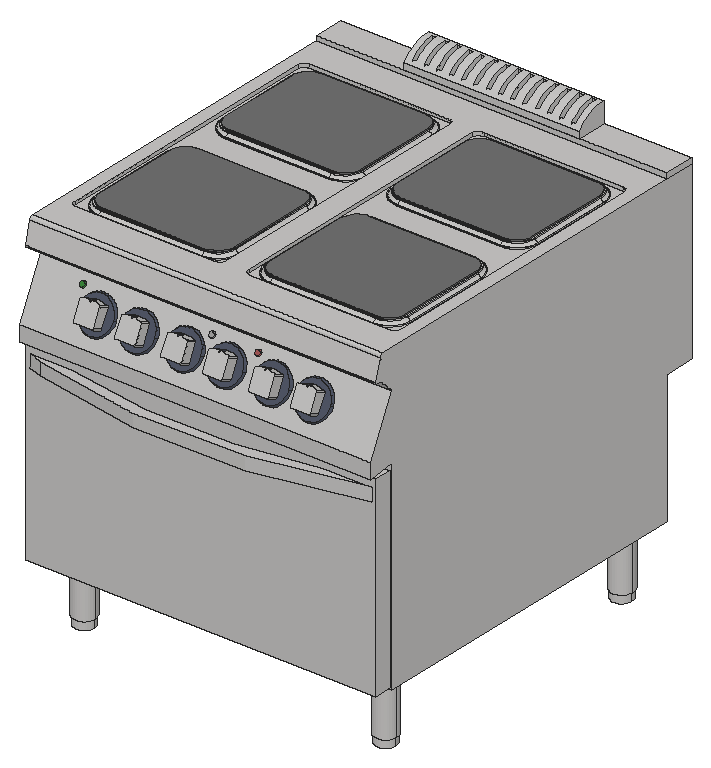
Revit family "QF_ZANUSSI_392041_Z9ECEH4QE0", category Specialty Equipment, Revit 2018
Family settings
  Round Connector Dimension = Use Diameter
  Part Type = Normal
  Work Plane-Based = No
  Always vertical = Yes
  Cut with Voids When Loaded = No
  Shared = No
  Room Calculation Point = No
Parameters
  Width = 800 mm  # constant formula
  Weight in Pounds = 145  # constant formula
  Weight = 0.00 kg
  Watts = 22000 W  # constant formula
  Volts = 400 V  # constant formula
  URL Manufacturer = "http://www.zanussiprofessional.com"
  URL Cutsheet = "www.electrolux.com/foodservice"
  URL = "http://www.zanussiprofessional.com"
  Type Mark [instance] = ""
  Steam Supply Size = 0"
  Steam Supply Minimum Pressure = 0.00 psi
  Steam Supply Maximum Pressure = 0.00 psi
  Steam Pounds per Hour = 0
  Status [instance] = ""
  Specification by User [instance] = ""
  Specification by Manufacturer = ""
  Show Logo [instance] = yes
  Show Clearance [instance] = yes
  Serial Number = ""
  Seismic Rating = ""
  SMACNA No = ""
  Revision Code [instance] = ""
  Refrigeration Suction Line Size = 0"
  Refrigeration Liquid Line Size = 0"
  Refrigerant Compressor Remote = yes
  Phase = 3  # constant formula
  Omniclass Number and Title = ""
  Number of Poles [instance] = 1
  NAFEM Spec ID Number = ""
  Model = "Z9ECEH4QE0"
  Min Ckt Ampacity = 0 A
  Max Overcurrent Protection = 0 A
  Masterspec = ""
  Manufacturer = "Zanussi"
  Length Actual = 800 mm  # constant formula
  Item Number [instance] = "392041"
  Installed By [instance] = ""
  Identify Quantity as Lot [instance] = yes
  Hot Water Size = 0"
  Height Actual = 850 mm  # constant formula
  Height = 908 mm  # constant formula
  HP = "29.5 HP"
  Gas Size = 0"
  Gas KW = 0
  Gas Input Pressure = 0.0 Btu/h
  Furnished By [instance] = ""
  Foodservice Equipment Identifier [instance] = yes
  FL Amps = if(Phase = 3, Watts / (Volts * 1.73), Watts / Volts)  # 31.7919 A
  Electrical Remarks [instance] = "400 V/3N ph/50/60 Hz"  # constant formula
  Electric Connection Type [instance] = ""
  Elec Conn RI Height [instance] = 967 mm
  Elec Conn Connection Height [instance] = 0 mm
  Direct Waste Size = 0"
  Description = "4-HOT SQUARE PL. ELEC. RANGE+OVEN 800 MM"
  Depth Actual = 900 mm  # constant formula
  Depth = 915 mm  # constant formula
  Cycle = if([60 Hertz Option], 60 Hz, 50 Hz)  # 60 Hz
  Conn Plug = ""
  Conn Conduit = yes
  Condensate Return Size = 0"
  Compressed Air Volume = 0 GPM
  Compressed Air Size = 0"
  Compressed Air Pressure = 0.00 psi
  Cold Water Size = 0"
  CSI MasterFormat = ""
  CSI Master Format = ""
  Base Height [instance] = 150 mm  # constant formula
  Apparent Power = if(Phase = 3, Volts * FL Amps * 1.73, Volts * FL Amps)  # 22000 VA
  Accessory = yes
  60 Hertz Option = not([50 Hertz Option])  # yes
  50 Hertz Option = no
Reference planes
  plane 1 "BACK": y = 0
  plane 2: z = 0
  plane 3 "LEFT": x = 0
  plane 4 "RIGHT": x = 800
  plane 5 "FRONT": y = -915
  plane 6 "TOP": z = 850
  plane 7 "Center Y": x = 400
  plane 8 "Center X": y = -457.5
  plane 9 "BASE": z = 150
  plane 10: y = -802
  plane 11: y = -900
  plane 12: y = -128
  plane 13: y = -609
  plane 14: y = -583
  plane 15: x = 56
  plane 16: x = 744
  plane 17: z = 908
  plane 18: y = -1309
Forms (mm)
  Extrusion 1, solid, material "QF_Finishes_Stainless Steel"
    sketch origin (0, 0, 0) x (0, 1, 0) y (0, 0, 1)
      loop
        line (0, 450.038) -> (0, 850) -> (-879.358, 850)
        arc (-879.358, 850) -> (-884.643, 847.811) -> (-886.833, 842.526) r 7.474
        line (-886.833, 842.526) -> (-899.884, 797.011)
        arc (-899.884, 797.011) -> (-899.396, 794.379) -> (-897, 793.184) r 3
        line (-897, 793.184) -> (-886.802, 793.184) -> (-854.982, 761.364) -> (-915, 640.508) -> (-915, 605.508) -> (-858.645, 613.428)
        arc (-858.645, 613.428) -> (-856.101, 612.674) -> (-855, 610.259) r 3.2
        line (-855, 610.259) -> (-855, 150) -> (-71.437, 150) -> (-71.437, 450.038) -> (0, 450.038)
      loop
        line (-900, 600) -> (-900, 155) -> (-860, 155) -> (-860, 600) -> (-900, 600)
    from 0 to 800
  Extrusion 2, void
    sketch origin (0, -198.623, 849.237) x (-1, 0, 0) y (0, -1, 0)
      loop
        arc (-42.5, -55.089) -> (-31.893, -50.696) -> (-27.5, -40.089) r 15
        line (-27.5, -40.089) -> (-27.5, 595.262)
        arc (-27.5, 595.262) -> (-31.893, 605.868) -> (-42.5, 610.262) r 15
        line (-42.5, 610.262) -> (-359.751, 610.262)
        arc (-359.751, 610.262) -> (-370.358, 605.868) -> (-374.751, 595.262) r 15
        line (-374.751, 595.262) -> (-374.751, -40.089)
        arc (-374.751, -40.089) -> (-370.358, -50.696) -> (-359.751, -55.089) r 15
        line (-359.751, -55.089) -> (-42.5, -55.089)
      loop
        line (-757.5, -55.089) -> (-440.249, -55.089)
        arc (-440.249, -55.089) -> (-429.642, -50.696) -> (-425.249, -40.089) r 15
        line (-425.249, -40.089) -> (-425.249, 595.262)
        arc (-425.249, 595.262) -> (-429.642, 605.868) -> (-440.249, 610.262) r 15
        line (-440.249, 610.262) -> (-757.5, 610.262)
        arc (-757.5, 610.262) -> (-768.107, 605.868) -> (-772.5, 595.262) r 15
        line (-772.5, 595.262) -> (-772.5, -40.089)
        arc (-772.5, -40.089) -> (-768.107, -50.696) -> (-757.5, -55.089) r 15
    from 1.763 to -6.35
  Extrusion 3, solid, material "QF_Clearances", visible <- "Show Clearance", detail levels coarse
    sketch origin (0, -198.623, 634) x (1, 0, 0) y (0, 1, 0)
      loop
        line (0, -716.377) -> (0, 198.623) -> (800, 198.623) -> (800, -716.377) -> (900.019, -716.377) -> (900.019, 298.642) -> (-100.019, 298.642) -> (-100.019, -716.377) -> (0, -716.377)
    from -634 to 274
  Extrusion 4, solid, material "QF_Finishes_Stainless Steel"
    sketch origin (0, -198.623, 842.887) x (-1, 0, 0) y (0, -1, 0)
      loop
        arc (-86.725, 312.377) -> (-58.441, 324.092) -> (-46.725, 352.377) r 40
        line (-46.725, 352.377) -> (-46.725, 553.377)
        arc (-46.725, 553.377) -> (-58.441, 581.661) -> (-86.725, 593.377) r 40
        line (-86.725, 593.377) -> (-321.725, 593.377)
        arc (-321.725, 593.377) -> (-350.009, 581.661) -> (-361.725, 553.377) r 40
        line (-361.725, 553.377) -> (-361.725, 352.377)
        arc (-361.725, 352.377) -> (-350.009, 324.092) -> (-321.725, 312.377) r 40
        line (-321.725, 312.377) -> (-86.725, 312.377)
      loop
        line (-86.725, 230.796) -> (-321.725, 230.796)
        arc (-321.725, 230.796) -> (-350.009, 219.08) -> (-361.725, 190.796) r 40
        line (-361.725, 190.796) -> (-361.725, 1.796)
        arc (-361.725, 1.796) -> (-350.009, -26.488) -> (-321.725, -38.204) r 40
        line (-321.725, -38.204) -> (-86.725, -38.204)
        arc (-86.725, -38.204) -> (-58.441, -26.488) -> (-46.725, 1.796) r 40
        line (-46.725, 1.796) -> (-46.725, 190.796)
        arc (-46.725, 190.796) -> (-58.441, 219.08) -> (-86.725, 230.796) r 40
      loop
        line (-713.275, 312.377) -> (-478.275, 312.377)
        arc (-478.275, 312.377) -> (-449.991, 324.092) -> (-438.275, 352.377) r 40
        line (-438.275, 352.377) -> (-438.275, 553.377)
        arc (-438.275, 553.377) -> (-449.991, 581.661) -> (-478.275, 593.377) r 40
        line (-478.275, 593.377) -> (-713.275, 593.377)
        arc (-713.275, 593.377) -> (-741.559, 581.661) -> (-753.275, 553.377) r 40
        line (-753.275, 553.377) -> (-753.275, 352.377)
        arc (-753.275, 352.377) -> (-741.559, 324.092) -> (-713.275, 312.377) r 40
      loop
        arc (-713.275, 230.796) -> (-741.559, 219.08) -> (-753.275, 190.796) r 40
        line (-753.275, 190.796) -> (-753.275, 1.796)
        arc (-753.275, 1.796) -> (-741.559, -26.488) -> (-713.275, -38.204) r 40
        line (-713.275, -38.204) -> (-478.275, -38.204)
        arc (-478.275, -38.204) -> (-449.991, -26.488) -> (-438.275, 1.796) r 40
        line (-438.275, 1.796) -> (-438.275, 190.796)
        arc (-438.275, 190.796) -> (-449.991, 219.08) -> (-478.275, 230.796) r 40
        line (-478.275, 230.796) -> (-713.275, 230.796)
    from 0 to 10
  Sweep 5, solid, material "QF_Finishes_Stainless Steel"
    path origin (0, -198.623, 852.887) x (-1, 0, 0) y (0, -1, 0)
      loop
        line (-46.725, 352.377) -> (-46.725, 553.377)
        arc (-46.725, 553.377) -> (-58.441, 581.661) -> (-86.725, 593.377) r 40
        line (-86.725, 593.377) -> (-321.725, 593.377)
        arc (-321.725, 593.377) -> (-350.009, 581.661) -> (-361.725, 553.377) r 40
        line (-361.725, 553.377) -> (-361.725, 352.377)
        arc (-361.725, 352.377) -> (-350.009, 324.092) -> (-321.725, 312.377) r 40
        line (-321.725, 312.377) -> (-86.725, 312.377)
        arc (-86.725, 312.377) -> (-58.441, 324.092) -> (-46.725, 352.377) r 40
    profile origin (46.725, -651.5, 852.887) x (1, 0, 0) y (0, 0, 1)
      loop
        arc (0, -1.759) -> (-2.638, -5.472) -> (-6.35, -8.109) r 13.651
        line (-6.35, -8.109) -> (-8.064, -8.109) -> (-8.064, -10) -> (0, -10) -> (0, -1.759)
  Sweep 6, solid, material "QF_Finishes_Stainless Steel"
    path origin (0, 151.957, 852.887) x (-1, 0, 0) y (0, -1, 0)
      loop
        line (-46.725, 352.377) -> (-46.725, 541.377)
        arc (-46.725, 541.377) -> (-58.441, 569.661) -> (-86.725, 581.377) r 40
        line (-86.725, 581.377) -> (-321.725, 581.377)
        arc (-321.725, 581.377) -> (-350.009, 569.661) -> (-361.725, 541.377) r 40
        line (-361.725, 541.377) -> (-361.725, 352.377)
        arc (-361.725, 352.377) -> (-350.009, 324.092) -> (-321.725, 312.377) r 40
        line (-321.725, 312.377) -> (-86.725, 312.377)
        arc (-86.725, 312.377) -> (-58.441, 324.092) -> (-46.725, 352.377) r 40
    profile origin (46.725, -294.919, 852.887) x (1, 0, 0) y (0, 0, 1)
      loop
        arc (0, -1.759) -> (-2.638, -5.472) -> (-6.35, -8.109) r 13.651
        line (-6.35, -8.109) -> (-8.064, -8.109) -> (-8.064, -10) -> (0, -10) -> (0, -1.759)
  Extrusion 7, solid, material "QF_Finishes_Rubber Black"
    sketch origin (0, -198.623, 852.887) x (-1, 0, 0) y (0, -1, 0)
      loop
        arc (-49.725, 190.796) -> (-60.562, 216.959) -> (-86.725, 227.796) r 37
        line (-86.725, 227.796) -> (-321.725, 227.796)
        arc (-321.725, 227.796) -> (-347.888, 216.959) -> (-358.725, 190.796) r 37
        line (-358.725, 190.796) -> (-358.725, 1.796)
        arc (-358.725, 1.796) -> (-347.888, -24.367) -> (-321.725, -35.204) r 37
        line (-321.725, -35.204) -> (-86.725, -35.204)
        arc (-86.725, -35.204) -> (-60.562, -24.367) -> (-49.725, 1.796) r 37
        line (-49.725, 1.796) -> (-49.725, 190.796)
      loop
        arc (-86.725, 315.377) -> (-60.562, 326.214) -> (-49.725, 352.377) r 37
        line (-49.725, 352.377) -> (-49.725, 553.377)
        arc (-49.725, 553.377) -> (-60.562, 579.54) -> (-86.725, 590.377) r 37
        line (-86.725, 590.377) -> (-321.725, 590.377)
        arc (-321.725, 590.377) -> (-347.888, 579.54) -> (-358.725, 553.377) r 37
        line (-358.725, 553.377) -> (-358.725, 352.377)
        arc (-358.725, 352.377) -> (-347.888, 326.214) -> (-321.725, 315.377) r 37
        line (-321.725, 315.377) -> (-86.725, 315.377)
      loop
        line (-750.275, 190.796) -> (-750.275, 1.796)
        arc (-750.275, 1.796) -> (-739.438, -24.367) -> (-713.275, -35.204) r 37
        line (-713.275, -35.204) -> (-478.275, -35.204)
        arc (-478.275, -35.204) -> (-452.112, -24.367) -> (-441.275, 1.796) r 37
        line (-441.275, 1.796) -> (-441.275, 190.796)
        arc (-441.275, 190.796) -> (-452.112, 216.959) -> (-478.275, 227.796) r 37
        line (-478.275, 227.796) -> (-713.275, 227.796)
        arc (-713.275, 227.796) -> (-739.438, 216.959) -> (-750.275, 190.796) r 37
      loop
        line (-713.275, 315.377) -> (-478.275, 315.377)
        arc (-478.275, 315.377) -> (-452.112, 326.214) -> (-441.275, 352.377) r 37
        line (-441.275, 352.377) -> (-441.275, 553.377)
        arc (-441.275, 553.377) -> (-452.112, 579.54) -> (-478.275, 590.377) r 37
        line (-478.275, 590.377) -> (-713.275, 590.377)
        arc (-713.275, 590.377) -> (-739.438, 579.54) -> (-750.275, 553.377) r 37
        line (-750.275, 553.377) -> (-750.275, 352.377)
        arc (-750.275, 352.377) -> (-739.438, 326.214) -> (-713.275, 315.377) r 37
    from 0 to 2
  Extrusion 8, solid, material "QF_Finishes_Stainless Steel"
    sketch origin (0, -71, 150) x (-1, 0, 0) y (0, 1, 0)
      loop
        circle (-753, -642) r 12.7
    from 0 to 12.7
  Extrusion 9, solid, material "QF_Finishes_Stainless Steel"
    sketch origin (0, -71, 150) x (-1, 0, 0) y (0, 1, 0)
      loop
        circle (-757, -505) r 12.7
    from 0 to 12.7
  Extrusion 10, void
    sketch origin (200, 0, 849.237) x (-1, 0, 0) y (0, -1, 0)
      loop
        line (-13.453, 6.761) -> (-13.453, 61.923) -> (-22.749, 61.923) -> (-22.749, 6.761) -> (-13.453, 6.761)
    from 25.4 to 63.5
  Extrusion 11, void
    sketch origin (600.05, 0, 849.237) x (1, 0, 0) y (0, 1, 0)
      loop
        line (-13.503, -6.761) -> (-22.799, -6.761) -> (-22.799, -61.923) -> (-13.503, -61.923) -> (-13.503, -6.761)
    from 25.4 to 63.5
  Extrusion 12, void
    sketch origin (227.988, 0, 849.237) x (-1, 0, 0) y (0, -1, 0)
      loop
        line (-13.453, 6.761) -> (-13.453, 61.923) -> (-22.749, 61.923) -> (-22.749, 6.761) -> (-13.453, 6.761)
    from 25.4 to 63.5
  Extrusion 13, void
    sketch origin (255.977, 0, 849.237) x (-1, 0, 0) y (0, -1, 0)
      loop
        line (-13.453, 6.761) -> (-13.453, 61.923) -> (-22.749, 61.923) -> (-22.749, 6.761) -> (-13.453, 6.761)
    from 25.4 to 63.5
  Extrusion 14, void
    sketch origin (283.965, 0, 849.237) x (-1, 0, 0) y (0, -1, 0)
      loop
        line (-13.428, 6.761) -> (-13.428, 61.923) -> (-22.724, 61.923) -> (-22.724, 6.761) -> (-13.428, 6.761)
    from 25.4 to 63.5
  Extrusion 15, void
    sketch origin (311.953, 0, 849.237) x (-1, 0, 0) y (0, -1, 0)
      loop
        line (-13.428, 6.761) -> (-13.428, 61.923) -> (-22.724, 61.923) -> (-22.724, 6.761) -> (-13.428, 6.761)
    from 25.4 to 63.5
  Extrusion 16, void
    sketch origin (339.942, 0, 849.237) x (-1, 0, 0) y (0, -1, 0)
      loop
        line (-13.428, 6.761) -> (-13.428, 61.923) -> (-22.724, 61.923) -> (-22.724, 6.761) -> (-13.428, 6.761)
    from 25.4 to 63.5
  Extrusion 17, void
    sketch origin (367.93, 0, 849.237) x (-1, 0, 0) y (0, -1, 0)
      loop
        line (-13.428, 6.761) -> (-13.428, 61.923) -> (-22.724, 61.923) -> (-22.724, 6.761) -> (-13.428, 6.761)
    from 25.4 to 63.5
  Extrusion 18, void
    sketch origin (395.918, 0, 849.237) x (-1, 0, 0) y (0, -1, 0)
      loop
        line (-13.428, 6.761) -> (-13.428, 61.923) -> (-22.724, 61.923) -> (-22.724, 6.761) -> (-13.428, 6.761)
    from 25.4 to 63.5
  Extrusion 19, void
    sketch origin (423.907, 0, 849.237) x (-1, 0, 0) y (0, -1, 0)
      loop
        line (-13.428, 6.761) -> (-13.428, 61.923) -> (-22.724, 61.923) -> (-22.724, 6.761) -> (-13.428, 6.761)
    from 25.4 to 63.5
  Extrusion 20, void
    sketch origin (451.895, 0, 849.237) x (-1, 0, 0) y (0, -1, 0)
      loop
        line (-13.428, 6.761) -> (-13.428, 61.923) -> (-22.724, 61.923) -> (-22.724, 6.761) -> (-13.428, 6.761)
    from 25.4 to 63.5
  Extrusion 21, void
    sketch origin (479.884, 0, 849.237) x (-1, 0, 0) y (0, -1, 0)
      loop
        line (-13.403, 6.761) -> (-13.403, 61.923) -> (-22.699, 61.923) -> (-22.699, 6.761) -> (-13.403, 6.761)
    from 25.4 to 63.5
  Extrusion 22, void
    sketch origin (507.872, 0, 849.237) x (-1, 0, 0) y (0, -1, 0)
      loop
        line (-13.403, 6.761) -> (-13.403, 61.923) -> (-22.699, 61.923) -> (-22.699, 6.761) -> (-13.403, 6.761)
    from 25.4 to 63.5
  Extrusion 23, void
    sketch origin (535.86, 0, 849.237) x (-1, 0, 0) y (0, -1, 0)
      loop
        line (-13.403, 6.761) -> (-13.403, 61.923) -> (-22.699, 61.923) -> (-22.699, 6.761) -> (-13.403, 6.761)
    from 25.4 to 63.5
  Sweep 24, solid, material "QF_Finishes_Stainless Steel"
    path origin (800, -198.623, 852.887) x (1, 0, 0) y (0, 1, 0)
      loop
        arc (-46.725, -352.377) -> (-58.441, -324.092) -> (-86.725, -312.377) r 40
        line (-86.725, -312.377) -> (-321.725, -312.377)
        arc (-321.725, -312.377) -> (-350.009, -324.092) -> (-361.725, -352.377) r 40
        line (-361.725, -352.377) -> (-361.725, -553.377)
        arc (-361.725, -553.377) -> (-350.009, -581.661) -> (-321.725, -593.377) r 40
        line (-321.725, -593.377) -> (-86.725, -593.377)
        arc (-86.725, -593.377) -> (-58.441, -581.661) -> (-46.725, -553.377) r 40
        line (-46.725, -553.377) -> (-46.725, -352.377)
    profile origin (753.275, -651.5, 852.887) x (1, 0, 0) y (0, 0, 1)
      loop
        line (0, -1.759) -> (0, -10) -> (8.064, -10) -> (8.064, -8.109) -> (6.35, -8.109)
        arc (6.35, -8.109) -> (2.638, -5.472) -> (0, -1.759) r 13.651
  Sweep 25, solid, material "QF_Finishes_Stainless Steel"
    path origin (800, 151.957, 852.887) x (1, 0, 0) y (0, 1, 0)
      loop
        arc (-46.725, -352.377) -> (-58.441, -324.092) -> (-86.725, -312.377) r 40
        line (-86.725, -312.377) -> (-321.725, -312.377)
        arc (-321.725, -312.377) -> (-350.009, -324.092) -> (-361.725, -352.377) r 40
        line (-361.725, -352.377) -> (-361.725, -541.377)
        arc (-361.725, -541.377) -> (-350.009, -569.661) -> (-321.725, -581.377) r 40
        line (-321.725, -581.377) -> (-86.725, -581.377)
        arc (-86.725, -581.377) -> (-58.441, -569.661) -> (-46.725, -541.377) r 40
        line (-46.725, -541.377) -> (-46.725, -352.377)
    profile origin (753.275, -294.919, 852.887) x (1, 0, 0) y (0, 0, 1)
      loop
        line (0, -1.759) -> (0, -10) -> (8.064, -10) -> (8.064, -8.109) -> (6.35, -8.109)
        arc (6.35, -8.109) -> (2.638, -5.472) -> (0, -1.759) r 13.651
  Revolve 26, solid, material "QF_Finishes_Stainless Steel"
    sketch origin (689, -802, 0) x (1, 0, 0) y (0, 0, 1)
      loop
        line (55, 0) -> (55, 150) -> (29.6, 150) -> (29.6, 19.05) -> (32.1, 19.05) -> (32.1, 0) -> (55, 0)
      axis (55, 0) -> (55, 150)
    angle from 0 to 360
  Revolve 27, solid, material "QF_Finishes_Stainless Steel"
    sketch origin (1, -802, 0) x (1, 0, 0) y (0, 0, 1)
      loop
        line (55, 0) -> (55, 150) -> (29.6, 150) -> (29.6, 19.05) -> (32.1, 19.05) -> (32.1, 0) -> (55, 0)
      axis (55, 0) -> (55, 150)
    angle from 0 to 360
  Revolve 28, solid, material "QF_Finishes_Stainless Steel"
    sketch origin (689, -128, 0) x (1, 0, 0) y (0, 0, 1)
      loop
        line (55, 0) -> (55, 150) -> (29.6, 150) -> (29.6, 19.05) -> (32.1, 19.05) -> (32.1, 0) -> (55, 0)
      axis (55, 0) -> (55, 150)
    angle from 0 to 360
  Revolve 29, solid, material "QF_Finishes_Stainless Steel"
    sketch origin (1, -128, 0) x (1, 0, 0) y (0, 0, 1)
      loop
        line (55, 0) -> (55, 150) -> (29.6, 150) -> (29.6, 19.05) -> (32.1, 19.05) -> (32.1, 0) -> (55, 0)
      axis (55, 0) -> (55, 150)
    angle from 0 to 360
  Extrusion 30, solid, material "QF_Finishes_Stainless Steel"
    sketch origin (200, 0, 634) x (0, 1, 0) y (0, 0, 1)
      loop
        line (0, 227.923) -> (0, 274.762)
        arc (0, 274.762) -> (-38.885, 266.372) -> (-69.85, 241.4) r 86.116
        line (-69.85, 241.4) -> (-69.85, 227.923) -> (0, 227.923)
    from 0 to 400
  Extrusion 31, solid, material "QF_Finishes_Stainless Steel"
    sketch origin (800, 0, 0) x (0, 1, 0) y (0, 0, 1)
      loop
        line (-69.85, 850) -> (0, 850) -> (0, 861.923) -> (-69.85, 861.923) -> (-69.85, 850)
    from 0 to -800
  Extrusion 32, solid, material "QF_Finishes_Door Clearance", visible <- "Show Clearance", detail levels coarse
    sketch origin (400, -200, 0) x (0, 1, 0) y (0, 0, 1)
      loop
        line (-684.838, 155) -> (-684.838, 600)
        arc (-684.838, 600) -> (-986.753, 462.852) -> (-1110, 155) r 445
        line (-1110, 155) -> (-684.838, 155)
    from -400.05 to 400.05
  Blend 33, solid, material "QF_Finishes_Navy Blue"
    base sketch origin (152.5, -884.991, 701.936) x (1, 0, 0) y (0, 0.444781, 0.895639)
      loop
        circle (0, 0) r 42.5
    top sketch origin (152.5, -884.991, 701.936) x (1, 0, 0) y (0, 0.444781, 0.895639)
      loop
        circle (0, 0) r 40.5
    from 0 to 5
  Extrusion 34, solid, material "QF_Finishes_Stainless Steel"
    sketch origin (152.5, -884.991, 701.936) x (1, 0, 0) y (0, 0.444781, 0.895639)
      loop
        arc (-21.147, 22.789) -> (-22.494, 21.685) -> (-23, 20.019) r 2.997
        line (-23, 20.019) -> (-23, -20.019)
        arc (-23, -20.019) -> (-22.122, -22.138) -> (-20.003, -23.016) r 2.997
        line (-20.003, -23.016) -> (20.003, -23.016)
        arc (20.003, -23.016) -> (22.122, -22.138) -> (23, -20.019) r 2.997
        line (23, -20.019) -> (23, 20.019)
        arc (23, 20.019) -> (22.494, 21.685) -> (21.147, 22.789) r 2.997
        arc (21.147, 22.789) -> (0, 26.984) -> (-21.147, 22.789) r 55.4
    from 10 to 34
  Extrusion 35, solid, material "QF_Plastic-Black-Matte"
    sketch origin (210, -884.991, 701.936) x (0, 0.444781, 0.895639) y (0, -0.895639, 0.444781)
      loop
        line (26.984, 34) -> (26.984, 19) -> (27.984, 19) -> (27.984, 34)
        arc (27.984, 34) -> (27.691, 34.707) -> (26.984, 35) r 1
        line (26.984, 35) -> (23.984, 35) -> (23.984, 34) -> (26.984, 34)
    from -58.5 to -56.5
  Extrusion 36, solid, material "QF_Finishes_Stainless Steel"
    sketch origin (152.5, -884.991, 701.936) x (1, 0, 0) y (0, 0.444781, 0.895639)
      loop
        line (17.5, 17.5) -> (-17.5, 17.5) -> (-17.5, -17.5) -> (17.5, -17.5) -> (17.5, 17.5)
    from 5 to 10
  Extrusion 37, solid, material "QF_Plastic-Black-Matte"
    sketch origin (190, -884.991, 701.936) x (0, 0.444781, 0.895639) y (0, 0.895639, -0.444781)
      loop
        line (26.984, -34) -> (23.984, -34) -> (23.984, -35) -> (26.984, -35)
        arc (26.984, -35) -> (27.691, -34.707) -> (27.984, -34) r 1
        line (27.984, -34) -> (27.984, -19) -> (26.984, -19) -> (26.984, -34)
    from -58.5 to -56.5
  Extrusion 38, solid, material "QF_Finishes_Stainless Steel"
    sketch origin (247.5, -884.991, 701.936) x (-1, 0, 0) y (0, -0.444781, -0.895639)
      loop
        line (17.55, -17.5) -> (17.55, 17.5) -> (-17.45, 17.5) -> (-17.45, -17.5) -> (17.55, -17.5)
    from 5 to 10
  Blend 39, solid, material "QF_Finishes_Navy Blue"
    base sketch origin (247.5, -884.991, 701.936) x (1, 0, 0) y (0, 0.444781, 0.895639)
      loop
        circle (-0.05, 0) r 42.5
    top sketch origin (247.5, -884.991, 701.936) x (1, 0, 0) y (0, 0.444781, 0.895639)
      loop
        circle (-0.05, 0) r 40.5
    from 0 to 5
  Extrusion 40, solid, material "QF_Finishes_Stainless Steel"
    sketch origin (247.5, -884.991, 701.936) x (-1, 0, 0) y (0, -0.444781, -0.895639)
      loop
        arc (-21.097, -22.789) -> (0.05, -26.984) -> (21.197, -22.789) r 55.4
        arc (21.197, -22.789) -> (22.544, -21.685) -> (23.05, -20.019) r 2.997
        line (23.05, -20.019) -> (23.05, 20.019)
        arc (23.05, 20.019) -> (22.172, 22.138) -> (20.053, 23.016) r 2.997
        line (20.053, 23.016) -> (-19.953, 23.016)
        arc (-19.953, 23.016) -> (-22.072, 22.138) -> (-22.95, 20.019) r 2.997
        line (-22.95, 20.019) -> (-22.95, -20.019)
        arc (-22.95, -20.019) -> (-22.444, -21.685) -> (-21.097, -22.789) r 2.997
    from 10 to 34
  Blend 41, solid, material "QF_Finishes_Navy Blue"
    base sketch origin (447.5, -884.991, 701.936) x (1, 0, 0) y (0, 0.444781, 0.895639)
      loop
        circle (-0.05, 0) r 42.5
    top sketch origin (447.5, -884.991, 701.936) x (1, 0, 0) y (0, 0.444781, 0.895639)
      loop
        circle (-0.05, 0) r 40.5
    from 0 to 5
  Extrusion 42, solid, material "QF_Finishes_Stainless Steel"
    sketch origin (215, -884.991, 701.936) x (1, 0, 0) y (0, 0.444781, 0.895639)
      loop
        arc (211.303, 22.789) -> (209.956, 21.685) -> (209.45, 20.019) r 2.997
        line (209.45, 20.019) -> (209.45, -20.019)
        arc (209.45, -20.019) -> (210.328, -22.138) -> (212.447, -23.016) r 2.997
        line (212.447, -23.016) -> (252.453, -23.016)
        arc (252.453, -23.016) -> (254.572, -22.138) -> (255.45, -20.019) r 2.997
        line (255.45, -20.019) -> (255.45, 20.019)
        arc (255.45, 20.019) -> (254.944, 21.685) -> (253.597, 22.789) r 2.997
        arc (253.597, 22.789) -> (232.45, 26.984) -> (211.303, 22.789) r 55.4
    from 10 to 34
  Blend 43, solid, material "QF_Finishes_Navy Blue"
    base sketch origin (552.5, -884.991, 701.936) x (1, 0, 0) y (0, 0.444781, 0.895639)
      loop
        circle (-0.05, 0) r 42.5
    top sketch origin (552.5, -884.991, 701.936) x (1, 0, 0) y (0, 0.444781, 0.895639)
      loop
        circle (-0.05, 0) r 40.5
    from 0 to 5
  Extrusion 44, solid, material "QF_Finishes_Stainless Steel"
    sketch origin (552.5, -884.991, 701.936) x (1, 0, 0) y (0, 0.444781, 0.895639)
      loop
        arc (-21.197, 22.789) -> (-22.544, 21.685) -> (-23.05, 20.019) r 2.997
        line (-23.05, 20.019) -> (-23.05, -20.019)
        arc (-23.05, -20.019) -> (-22.172, -22.138) -> (-20.053, -23.016) r 2.997
        line (-20.053, -23.016) -> (19.953, -23.016)
        arc (19.953, -23.016) -> (22.072, -22.138) -> (22.95, -20.019) r 2.997
        line (22.95, -20.019) -> (22.95, 20.019)
        arc (22.95, 20.019) -> (22.444, 21.685) -> (21.097, 22.789) r 2.997
        arc (21.097, 22.789) -> (-0.05, 26.984) -> (-21.197, 22.789) r 55.4
    from 10 to 34
  Extrusion 45, solid, material "QF_Plastic-Black-Matte"
    sketch origin (610, -884.991, 701.936) x (0, 0.444781, 0.895639) y (0, -0.895639, 0.444781)
      loop
        line (26.984, 34) -> (26.984, 19) -> (27.984, 19) -> (27.984, 34)
        arc (27.984, 34) -> (27.691, 34.707) -> (26.984, 35) r 1
        line (26.984, 35) -> (23.984, 35) -> (23.984, 34) -> (26.984, 34)
    from -58.5 to -56.5
  Extrusion 46, solid, material "QF_Finishes_Stainless Steel"
    sketch origin (552.5, -884.991, 701.936) x (1, 0, 0) y (0, 0.444781, 0.895639)
      loop
        line (17.45, 17.5) -> (-17.55, 17.5) -> (-17.55, -17.5) -> (17.45, -17.5) -> (17.45, 17.5)
    from 5 to 10
  Extrusion 47, solid, material "QF_Plastic-Black-Matte"
    sketch origin (590, -884.991, 701.936) x (0, 0.444781, 0.895639) y (0, 0.895639, -0.444781)
      loop
        line (26.984, -34) -> (23.984, -34) -> (23.984, -35) -> (26.984, -35)
        arc (26.984, -35) -> (27.691, -34.707) -> (27.984, -34) r 1
        line (27.984, -34) -> (27.984, -19) -> (26.984, -19) -> (26.984, -34)
    from -58.5 to -56.5
  Extrusion 48, solid, material "QF_Finishes_Stainless Steel"
    sketch origin (647.5, -884.991, 701.936) x (-1, 0, 0) y (0, -0.444781, -0.895639)
      loop
        line (17.6, -17.5) -> (17.6, 17.5) -> (-17.4, 17.5) -> (-17.4, -17.5) -> (17.6, -17.5)
    from 5 to 10
  Blend 49, solid, material "QF_Finishes_Navy Blue"
    base sketch origin (647.5, -884.991, 701.936) x (1, 0, 0) y (0, 0.444781, 0.895639)
      loop
        circle (-0.1, 0) r 42.5
    top sketch origin (647.5, -884.991, 701.936) x (1, 0, 0) y (0, 0.444781, 0.895639)
      loop
        circle (-0.1, 0) r 40.5
    from 0 to 5
  Extrusion 50, solid, material "QF_Finishes_Stainless Steel"
    sketch origin (647.5, -884.991, 701.936) x (-1, 0, 0) y (0, -0.444781, -0.895639)
      loop
        arc (-21.047, -22.789) -> (0.1, -26.984) -> (21.247, -22.789) r 55.4
        arc (21.247, -22.789) -> (22.594, -21.685) -> (23.1, -20.019) r 2.997
        line (23.1, -20.019) -> (23.1, 20.019)
        arc (23.1, 20.019) -> (22.222, 22.138) -> (20.103, 23.016) r 2.997
        line (20.103, 23.016) -> (-19.903, 23.016)
        arc (-19.903, 23.016) -> (-22.022, 22.138) -> (-22.9, 20.019) r 2.997
        line (-22.9, 20.019) -> (-22.9, -20.019)
        arc (-22.9, -20.019) -> (-22.394, -21.685) -> (-21.047, -22.789) r 2.997
    from 10 to 34
  Extrusion 51, solid, material "QF_Plastic-Black-Matte"
    sketch origin (295, -884.991, 701.936) x (0, 0.444781, 0.895639) y (0, 0.895639, -0.444781)
      loop
        line (26.984, -34) -> (23.984, -34) -> (23.984, -35) -> (26.984, -35)
        arc (26.984, -35) -> (27.691, -34.707) -> (27.984, -34) r 1
        line (27.984, -34) -> (27.984, -19) -> (26.984, -19) -> (26.984, -34)
    from -58.5 to -56.5
  Extrusion 52, solid, material "QF_Finishes_Stainless Steel"
    sketch origin (352.5, -884.991, 701.936) x (-1, 0, 0) y (0, -0.444781, -0.895639)
      loop
        line (17.55, -17.5) -> (17.55, 17.5) -> (-17.45, 17.5) -> (-17.45, -17.5) -> (17.55, -17.5)
    from 5 to 10
  Extrusion 53, solid, material "QF_Finishes_Stainless Steel"
    sketch origin (352.5, -884.991, 701.936) x (-1, 0, 0) y (0, -0.444781, -0.895639)
      loop
        arc (-21.097, -22.789) -> (0.05, -26.984) -> (21.197, -22.789) r 55.4
        arc (21.197, -22.789) -> (22.544, -21.685) -> (23.05, -20.019) r 2.997
        line (23.05, -20.019) -> (23.05, 20.019)
        arc (23.05, 20.019) -> (22.172, 22.138) -> (20.053, 23.016) r 2.997
        line (20.053, 23.016) -> (-19.953, 23.016)
        arc (-19.953, 23.016) -> (-22.072, 22.138) -> (-22.95, 20.019) r 2.997
        line (-22.95, 20.019) -> (-22.95, -20.019)
        arc (-22.95, -20.019) -> (-22.444, -21.685) -> (-21.097, -22.789) r 2.997
    from 10 to 34
  Blend 54, solid, material "QF_Finishes_Navy Blue"
    base sketch origin (352.5, -884.991, 701.936) x (1, 0, 0) y (0, 0.444781, 0.895639)
      loop
        circle (-0.05, 0) r 42.5
    top sketch origin (352.5, -884.991, 701.936) x (1, 0, 0) y (0, 0.444781, 0.895639)
      loop
        circle (-0.05, 0) r 40.5
    from 0 to 5
  Extrusion 55, solid, material "QF_Plastic-Black-Matte"
    sketch origin (390, -884.991, 701.936) x (0, 0.444781, 0.895639) y (0, 0.895639, -0.444781)
      loop
        line (26.984, -34) -> (23.984, -34) -> (23.984, -35) -> (26.984, -35)
        arc (26.984, -35) -> (27.691, -34.707) -> (27.984, -34) r 1
        line (27.984, -34) -> (27.984, -19) -> (26.984, -19) -> (26.984, -34)
    from -58.5 to -56.5
  Extrusion 56, solid, material "QF_Finishes_Stainless Steel"
    sketch origin (447.5, -884.991, 701.936) x (-1, 0, 0) y (0, -0.444781, -0.895639)
      loop
        line (17.55, -17.5) -> (17.55, 17.5) -> (-17.45, 17.5) -> (-17.45, -17.5) -> (17.55, -17.5)
    from 5 to 10
  Extrusion 57, solid, material "QF_Finishes_Gray"
    sketch origin (0, -1029.045, 411.86) x (0, 0.444781, 0.895639) y (-1, 0, 0)
      loop
        circle (366.376, -399.95) r 6
    from 0 to 1.6
  Extrusion 58, solid, material "QF_Finishes_Red"
    sketch origin (105, -1029.045, 411.86) x (0, 0.444781, 0.895639) y (-1, 0, 0)
      loop
        circle (366.376, -399.95) r 6
    from 0 to 1.6
  Extrusion 59, solid, material "QF_Finishes_DarkGreen"
    sketch origin (-295, -1029.045, 411.86) x (0, 0.444781, 0.895639) y (-1, 0, 0)
      loop
        circle (366.376, -400) r 6
    from 0 to 1.6
  Extrusion 60, solid, material "QF_Finishes_Stainless Steel"
    sketch origin (-77.88, -4772, 150) x (-1, 0, 0) y (0, -1, 0)
      loop
        line (-867.83, -3872) -> (-774.225, -3872)
        arc (-774.225, -3872) -> (-477.88, -3837.012) -> (-181.535, -3872) r 1272.488
        line (-181.535, -3872) -> (-87.93, -3872)
        arc (-87.93, -3872) -> (-105.149, -3866.705) -> (-122.441, -3861.65) r 1297.485
        arc (-122.441, -3861.65) -> (-495.895, -3812.14) -> (-867.83, -3872) r 1297.485
    from 400 to 430
Cuts and joins
  Extrusion 2 cuts Extrusion 1
  Extrusion 2 cuts Extrusion 4
  Extrusion 10, Extrusion 11, Extrusion 12, Extrusion 13, Extrusion 14, Extrusion 15, Extrusion 16, Extrusion 17, Extrusion 18, Extrusion 19, Extrusion 20, Extrusion 21, Extrusion 22, Extrusion 23 cuts Extrusion 30
Lines and regions (mm)
  Split face 1
    outline origin (152.5, -889.469, 704.16) x (1, 0, 0) y (0, 0.444781, 0.895639)
      loop
        circle (-33, 0) r 3
  Split face 2
    outline origin (253.401, -889.469, 704.16) x (1, 0, 0) y (0, 0.444781, 0.895639)
      loop
        line (-8.901, 38.561) -> (-8.901, 28.561) -> (-2.901, 28.561) -> (-2.901, 38.561) -> (-8.901, 38.561)
  Split face 3
    outline origin (253.401, -889.469, 704.16) x (1, 0, 0) y (0, 0.444781, 0.895639)
      loop
        line (-8.401, 38.061) -> (-8.401, 29.061) -> (-3.401, 29.061) -> (-3.401, 38.061) -> (-8.401, 38.061)
  Split face 4
    outline origin (253.401, -889.469, 704.16) x (1, 0, 0) y (0, 0.444781, 0.895639)
      loop
        line (-8.401, 33.561) -> (-3.401, 33.561)
  Split face 5
    outline origin (253.401, -889.469, 704.16) x (1, 0, 0) y (0, 0.444781, 0.895639)
      loop
        line (-8.401, 33.061) -> (-3.401, 33.061)
  Split face 6
    outline origin (158.401, -889.469, 704.16) x (1, 0, 0) y (0, 0.444781, 0.895639)
      loop
        line (-8.901, 38.561) -> (-8.901, 28.561) -> (-2.901, 28.561) -> (-2.901, 38.561) -> (-8.901, 38.561)
  Split face 7
    outline origin (158.401, -889.469, 704.16) x (1, 0, 0) y (0, 0.444781, 0.895639)
      loop
        line (-8.401, 38.061) -> (-8.401, 29.061) -> (-3.401, 29.061) -> (-3.401, 38.061) -> (-8.401, 38.061)
  Split face 8
    outline origin (158.401, -889.469, 704.16) x (1, 0, 0) y (0, 0.444781, 0.895639)
      loop
        line (-8.401, 34.061) -> (-3.401, 34.061)
  Split face 9
    outline origin (158.401, -889.469, 704.16) x (1, 0, 0) y (0, 0.444781, 0.895639)
      loop
        line (-8.401, 33.561) -> (-3.401, 33.561)
  Split face 10
    outline origin (178.157, -875.159, 732.975) x (-1, 0, 0) y (0, -0.444781, -0.895639)
      loop
        circle (43.456, 61.543) r 1.5
  Split face 11
    outline origin (158.401, -889.469, 704.16) x (1, 0, 0) y (0, 0.444781, 0.895639)
      loop
        circle (-5.901, 31.311) r 2.029
  Split face 12
    outline origin (253.401, -889.469, 704.16) x (1, 0, 0) y (0, 0.444781, 0.895639)
      loop
        circle (-5.901, 35.811) r 2.031
  Split face 13
    outline origin (152.5, -889.469, 704.16) x (1, 0, 0) y (0, 0.444781, 0.895639)
      loop
        circle (-24.487, 26.694) r 3.497
  Split face 14
    outline origin (247.5, -889.469, 704.16) x (1, 0, 0) y (0, 0.444781, 0.895639)
      loop
        circle (-24.487, 26.694) r 3.497
  Split face 15
    outline origin (247.5, -889.469, 704.16) x (1, 0, 0) y (0, 0.444781, 0.895639)
      loop
        circle (-33, 0) r 3
  Split face 16
    outline origin (247.5, -889.469, 704.16) x (1, 0, 0) y (0, 0.444781, 0.895639)
      loop
        circle (-17.8, -29.371) r 1.5
  Split face 17
    outline origin (447.5, -889.469, 704.16) x (1, 0, 0) y (0, 0.444781, 0.895639)
      loop
        circle (0, 33) r 1
  Split face 18
    outline origin (447.5, -889.469, 704.16) x (1, 0, 0) y (0, 0.444781, 0.895639)
      loop
        circle (-33, 0) r 1
  Split face 19
    outline origin (447.5, -889.469, 704.16) x (-1, 0, 0) y (0, 0.444781, 0.895639)
      loop
        circle (31.876, -8.541) r 1
  Split face 20
    outline origin (447.5, -889.469, 704.16) x (-1, 0, 0) y (0, 0.444781, 0.895639)
      loop
        circle (28.579, -16.5) r 1
  Split face 21
    outline origin (447.5, -889.469, 704.16) x (-1, 0, 0) y (0, 0.444781, 0.895639)
      loop
        circle (23.335, -23.335) r 1
  Split face 22
    outline origin (447.5, -889.469, 704.16) x (-1, 0, 0) y (0, 0.444781, 0.895639)
      loop
        circle (16.5, -28.579) r 1
  Split face 23
    outline origin (447.5, -889.469, 704.16) x (-1, 0, 0) y (0, 0.444781, 0.895639)
      loop
        circle (8.541, -31.876) r 1
  Split face 24
    outline origin (447.5, -889.469, 704.16) x (1, 0, 0) y (0, -0.444781, -0.895639)
      loop
        circle (33, 0) r 1
  Split face 25
    outline origin (447.5, -889.469, 704.16) x (-1, 0, 0) y (0, -0.444781, -0.895639)
      loop
        circle (-8.541, 31.876) r 1
  Split face 26
    outline origin (447.5, -889.469, 704.16) x (-1, 0, 0) y (0, -0.444781, -0.895639)
      loop
        circle (-16.5, 28.579) r 1
  Split face 27
    outline origin (447.5, -889.469, 704.16) x (-1, 0, 0) y (0, -0.444781, -0.895639)
      loop
        circle (-23.335, 23.335) r 1
  Split face 28
    outline origin (447.5, -889.469, 704.16) x (-1, 0, 0) y (0, -0.444781, -0.895639)
      loop
        circle (-28.579, 16.5) r 1
  Split face 29
    outline origin (447.5, -889.469, 704.16) x (-1, 0, 0) y (0, -0.444781, -0.895639)
      loop
        circle (-31.876, 8.541) r 1
  Split face 30
    outline origin (552.5, -889.469, 704.16) x (1, 0, 0) y (0, 0.444781, 0.895639)
      loop
        circle (-33, 0) r 3
  Split face 31
    outline origin (653.401, -889.469, 704.16) x (1, 0, 0) y (0, 0.444781, 0.895639)
      loop
        line (-8.901, 38.561) -> (-8.901, 28.561) -> (-2.901, 28.561) -> (-2.901, 38.561) -> (-8.901, 38.561)
  Split face 32
    outline origin (653.401, -889.469, 704.16) x (1, 0, 0) y (0, 0.444781, 0.895639)
      loop
        line (-8.401, 38.061) -> (-8.401, 29.061) -> (-3.401, 29.061) -> (-3.401, 38.061) -> (-8.401, 38.061)
  Split face 33
    outline origin (653.401, -889.469, 704.16) x (1, 0, 0) y (0, 0.444781, 0.895639)
      loop
        line (-8.401, 33.561) -> (-3.401, 33.561)
  Split face 34
    outline origin (653.401, -889.469, 704.16) x (1, 0, 0) y (0, 0.444781, 0.895639)
      loop
        line (-8.401, 33.061) -> (-3.401, 33.061)
  Split face 35
    outline origin (558.401, -889.469, 704.16) x (1, 0, 0) y (0, 0.444781, 0.895639)
      loop
        line (-8.901, 38.561) -> (-8.901, 28.561) -> (-2.901, 28.561) -> (-2.901, 38.561) -> (-8.901, 38.561)
  Split face 36
    outline origin (558.401, -889.469, 704.16) x (1, 0, 0) y (0, 0.444781, 0.895639)
      loop
        line (-8.401, 38.061) -> (-8.401, 29.061) -> (-3.401, 29.061) -> (-3.401, 38.061) -> (-8.401, 38.061)
  Split face 37
    outline origin (558.401, -889.469, 704.16) x (1, 0, 0) y (0, 0.444781, 0.895639)
      loop
        line (-8.401, 34.061) -> (-3.401, 34.061)
  Split face 38
    outline origin (558.401, -889.469, 704.16) x (1, 0, 0) y (0, 0.444781, 0.895639)
      loop
        line (-8.401, 33.561) -> (-3.401, 33.561)
  Split face 39
    outline origin (578.157, -875.159, 732.975) x (-1, 0, 0) y (0, -0.444781, -0.895639)
      loop
        circle (43.456, 61.543) r 1.5
  Split face 40
    outline origin (558.401, -889.469, 704.16) x (1, 0, 0) y (0, 0.444781, 0.895639)
      loop
        circle (-5.901, 31.311) r 2.029
  Split face 41
    outline origin (653.401, -889.469, 704.16) x (1, 0, 0) y (0, 0.444781, 0.895639)
      loop
        circle (-5.901, 35.811) r 2.031
  Split face 42
    outline origin (552.5, -889.469, 704.16) x (1, 0, 0) y (0, 0.444781, 0.895639)
      loop
        circle (-24.487, 26.694) r 3.497
  Split face 43
    outline origin (647.5, -889.469, 704.16) x (1, 0, 0) y (0, 0.444781, 0.895639)
      loop
        circle (-24.487, 26.694) r 3.497
  Split face 44
    outline origin (647.5, -889.469, 704.16) x (1, 0, 0) y (0, 0.444781, 0.895639)
      loop
        circle (-33, 0) r 3
  Split face 45
    outline origin (647.5, -889.469, 704.16) x (1, 0, 0) y (0, 0.444781, 0.895639)
      loop
        circle (-17.8, -29.371) r 1.5
  Split face 46
    outline origin (447.5, -889.469, 704.16) x (1, 0, 0) y (0, 0.444781, 0.895639)
      loop
        circle (0, -33) r 1
  Split face 47
    outline origin (352.5, -889.469, 704.16) x (1, 0, 0) y (0, 0.444781, 0.895639)
      loop
        line (-35.5, 0.5) -> (-29.5, 0.5) -> (-29.5, 2.5) -> (-35.5, 2.5) -> (-35.5, 0.5)
  Split face 48
    outline origin (352.5, -890.803, 701.473) x (1, 0, 0) y (0, 0.444781, 0.895639)
      loop
        line (-35.5, 0.5) -> (-29.5, 0.5) -> (-29.5, 2.5) -> (-35.5, 2.5) -> (-35.5, 0.5)
  Split face 49
    outline origin (352.5, -889.469, 704.16) x (1, 0, 0) y (0, 0.444781, 0.895639)
      loop
        line (-3, -32.32) -> (-3, -34.32) -> (3, -34.32) -> (3, -32.32) -> (-3, -32.32)
  Split face 50
    outline origin (352.5, -889.469, 704.16) x (1, 0, 0) y (0, 0.444781, 0.895639)
      loop
        circle (0, 34.714) r 1.714
  symbolic lines, style "QF_Clearances", visible <- "Show Clearance", detail levels coarse
    curve 1: line (-100.019, 100.019, 401) -> (-100.019, -915, 401)
    curve 2: line (900.019, 100.019, 401) -> (-100.019, 100.019, 401)
    curve 3: line (900.019, -915, 401) -> (900.019, 100.019, 401)
  symbolic lines
    curve 4: line (27.5, -793.885, 266.888) -> (27.5, -158.534, 266.888)
    curve 5: line (42.5, -143.534, 266.888) -> (359.751, -143.534, 266.887)
    curve 6: line (374.751, -158.534, 266.887) -> (374.751, -793.885, 266.887)
    curve 7: line (359.751, -808.885, 266.887) -> (42.5, -808.885, 266.888)
    curve 8: arc (42.5, -143.534, 266.888) -> (31.893, -147.928, 266.888) -> (27.5, -158.534, 266.888) r 15
    curve 9: arc (374.751, -158.534, 266.887) -> (370.358, -147.928, 266.887) -> (359.751, -143.534, 266.887) r 15
    curve 10: arc (359.751, -808.885, 266.887) -> (370.358, -804.492, 266.887) -> (374.751, -793.885, 266.887) r 15
    curve 11: arc (27.5, -793.885, 266.888) -> (31.893, -804.492, 266.888) -> (42.5, -808.885, 266.888) r 15
    curve 12: arc (86.725, -163.419, 266.888) -> (60.562, -174.256, 266.888) -> (49.725, -200.419, 266.888) r 37
    curve 13: line (49.725, -200.419, 266.888) -> (49.725, -381.919, 266.888)
    curve 14: arc (49.725, -381.919, 266.888) -> (60.562, -408.082, 266.888) -> (86.725, -418.919, 266.888) r 37
    curve 15: line (86.725, -418.919, 266.888) -> (321.725, -418.919, 266.887)
    curve 16: arc (321.725, -418.919, 266.887) -> (347.888, -408.082, 266.887) -> (358.725, -381.919, 266.887) r 37
    curve 17: line (358.725, -381.919, 266.887) -> (358.725, -200.419, 266.887)
    curve 18: arc (358.725, -200.419, 266.887) -> (347.888, -174.256, 266.887) -> (321.725, -163.419, 266.887) r 37
    curve 19: line (321.725, -163.419, 266.887) -> (86.725, -163.419, 266.888)
    curve 20: arc (86.725, -160.419, 266.888) -> (58.441, -172.135, 266.888) -> (46.725, -200.419, 266.888) r 40
    curve 21: line (46.725, -200.419, 266.888) -> (46.725, -381.919, 266.888)
    curve 22: arc (46.725, -381.919, 266.888) -> (58.441, -410.204, 266.888) -> (86.725, -421.919, 266.888) r 40
    curve 23: line (86.725, -421.919, 266.888) -> (321.725, -421.919, 266.887)
    curve 24: arc (321.725, -421.919, 266.887) -> (350.009, -410.204, 266.887) -> (361.725, -381.919, 266.887) r 40
    curve 25: line (361.725, -381.919, 266.887) -> (361.725, -200.419, 266.887)
    curve 26: arc (361.725, -200.419, 266.887) -> (350.009, -172.135, 266.887) -> (321.725, -160.419, 266.887) r 40
    curve 27: line (321.725, -160.419, 266.887) -> (86.725, -160.419, 266.888)
    curve 28: arc (40.375, -200.419, 266.888) -> (53.951, -167.645, 266.888) -> (86.725, -154.069, 266.888) r 46.35
    curve 29: line (86.725, -154.069, 266.888) -> (321.725, -154.069, 266.887)
    curve 30: arc (321.725, -154.069, 266.887) -> (354.499, -167.645, 266.887) -> (368.075, -200.419, 266.887) r 46.35
    curve 31: line (368.075, -200.419, 266.887) -> (368.075, -381.919, 266.887)
    curve 32: arc (368.075, -381.919, 266.887) -> (354.499, -414.694, 266.887) -> (321.725, -428.269, 266.887) r 46.35
    curve 33: line (321.725, -428.269, 266.887) -> (86.725, -428.269, 266.888)
    curve 34: arc (86.725, -428.269, 266.888) -> (53.951, -414.694, 266.888) -> (40.375, -381.919, 266.888) r 46.35
    curve 35: line (40.375, -381.919, 266.888) -> (40.375, -200.419, 266.888)
    curve 36: arc (86.725, -152.355, 266.888) -> (52.738, -166.433, 266.888) -> (38.661, -200.419, 266.888) r 48.064
    curve 37: line (38.661, -200.419, 266.888) -> (38.661, -381.919, 266.888)
    curve 38: arc (38.661, -381.919, 266.888) -> (52.738, -415.906, 266.888) -> (86.725, -429.984, 266.888) r 48.064
    curve 39: line (86.725, -429.984, 266.888) -> (321.725, -429.984, 266.887)
    curve 40: arc (321.725, -429.984, 266.887) -> (355.712, -415.906, 266.887) -> (369.789, -381.919, 266.887) r 48.064
    curve 41: line (369.789, -381.919, 266.887) -> (369.789, -200.419, 266.887)
    curve 42: arc (369.789, -200.419, 266.887) -> (355.712, -166.433, 266.887) -> (321.725, -152.355, 266.887) r 48.064
    curve 43: line (321.725, -152.355, 266.887) -> (86.725, -152.355, 266.888)
    curve 44: arc (86.725, -503.5, 266.888) -> (58.441, -515.216, 266.888) -> (46.725, -543.5, 266.888) r 40
    curve 45: line (46.725, -543.5, 266.888) -> (46.725, -752, 266.888)
    curve 46: arc (46.725, -752, 266.888) -> (58.441, -780.284, 266.888) -> (86.725, -792, 266.888) r 40
    curve 47: line (86.725, -792, 266.888) -> (321.725, -792, 266.887)
    curve 48: arc (321.725, -792, 266.887) -> (350.009, -780.284, 266.887) -> (361.725, -752, 266.887) r 40
    curve 49: line (361.725, -752, 266.887) -> (361.725, -543.5, 266.887)
    curve 50: arc (361.725, -543.5, 266.887) -> (350.009, -515.216, 266.887) -> (321.725, -503.5, 266.887) r 40
    curve 51: line (321.725, -503.5, 266.887) -> (86.725, -503.5, 266.888)
    curve 52: arc (86.725, -506.5, 266.888) -> (60.562, -517.337, 266.888) -> (49.725, -543.5, 266.888) r 37
    curve 53: line (49.725, -543.5, 266.888) -> (49.725, -752, 266.888)
    curve 54: arc (49.725, -752, 266.888) -> (60.562, -778.163, 266.888) -> (86.725, -789, 266.888) r 37
    curve 55: line (86.725, -789, 266.888) -> (321.725, -789, 266.887)
    curve 56: arc (321.725, -789, 266.887) -> (347.888, -778.163, 266.887) -> (358.725, -752, 266.887) r 37
    curve 57: line (358.725, -752, 266.887) -> (358.725, -543.5, 266.887)
    curve 58: arc (358.725, -543.5, 266.887) -> (347.888, -517.337, 266.887) -> (321.725, -506.5, 266.887) r 37
    curve 59: line (321.725, -506.5, 266.887) -> (86.725, -506.5, 266.888)
    curve 60: line (0, -915, 266.888) -> (0, 0, 266.888)
    curve 61: line (222.724, -6.761, 401) -> (222.724, -61.923, 401)
    curve 62: line (222.724, -61.923, 401) -> (213.428, -61.923, 401)
    curve 63: line (213.428, -61.923, 401) -> (213.428, -6.761, 401)
    curve 64: line (213.428, -6.761, 401) -> (222.724, -6.761, 401)
    curve 65: line (586.547, -6.761, 401) -> (586.547, -61.923, 401)
    curve 66: line (586.547, -61.923, 401) -> (577.251, -61.923, 401)
    curve 67: line (577.251, -61.923, 401) -> (577.251, -6.761, 401)
    curve 68: line (577.251, -6.761, 401) -> (586.547, -6.761, 401)
    curve 69: line (250.712, -6.761, 401) -> (250.712, -61.923, 401)
    curve 70: line (250.712, -61.923, 401) -> (241.416, -61.923, 401)
    curve 71: line (241.416, -61.923, 401) -> (241.416, -6.761, 401)
    curve 72: line (241.416, -6.761, 401) -> (250.712, -6.761, 401)
    curve 73: line (278.7, -6.761, 401) -> (278.7, -61.923, 401)
    curve 74: line (278.7, -61.923, 401) -> (269.405, -61.923, 401)
    curve 75: line (269.405, -61.923, 401) -> (269.405, -6.761, 401)
    curve 76: line (269.405, -6.761, 401) -> (278.7, -6.761, 401)
    curve 77: line (306.689, -6.761, 401) -> (306.689, -61.923, 401)
    curve 78: line (306.689, -61.923, 401) -> (297.393, -61.923, 401)
    curve 79: line (297.393, -61.923, 401) -> (297.393, -6.761, 401)
    curve 80: line (297.393, -6.761, 401) -> (306.689, -6.761, 401)
    curve 81: line (334.677, -6.761, 401) -> (334.677, -61.923, 401)
    curve 82: line (334.677, -61.923, 401) -> (325.381, -61.923, 401)
    curve 83: line (325.381, -61.923, 401) -> (325.381, -6.761, 401)
    curve 84: line (325.381, -6.761, 401) -> (334.677, -6.761, 401)
    curve 85: line (362.665, -6.761, 401) -> (362.665, -61.923, 401)
    curve 86: line (362.665, -61.923, 401) -> (353.37, -61.923, 401)
    curve 87: line (353.37, -61.923, 401) -> (353.37, -6.761, 401)
    curve 88: line (353.37, -6.761, 401) -> (362.665, -6.761, 401)
    curve 89: line (390.654, -6.761, 401) -> (390.654, -61.923, 401)
    curve 90: line (390.654, -61.923, 401) -> (381.358, -61.923, 401)
    curve 91: line (381.358, -61.923, 401) -> (381.358, -6.761, 401)
    curve 92: line (381.358, -6.761, 401) -> (390.654, -6.761, 401)
    curve 93: line (418.642, -6.761, 401) -> (418.642, -61.923, 401)
    curve 94: line (418.642, -61.923, 401) -> (409.346, -61.923, 401)
    curve 95: line (409.346, -61.923, 401) -> (409.346, -6.761, 401)
    curve 96: line (409.346, -6.761, 401) -> (418.642, -6.761, 401)
    curve 97: line (446.605, -6.761, 401) -> (446.605, -61.923, 401)
    curve 98: line (446.605, -61.923, 401) -> (437.31, -61.923, 401)
    curve 99: line (437.31, -61.923, 401) -> (437.31, -6.761, 401)
    curve 100: line (437.31, -6.761, 401) -> (446.605, -6.761, 401)
    curve 101: line (474.594, -6.761, 401) -> (474.594, -61.923, 401)
    curve 102: line (474.594, -61.923, 401) -> (465.298, -61.923, 401)
    curve 103: line (465.298, -61.923, 401) -> (465.298, -6.761, 401)
    curve 104: line (465.298, -6.761, 401) -> (474.594, -6.761, 401)
    curve 105: line (502.582, -6.761, 401) -> (502.582, -61.923, 401)
    curve 106: line (502.582, -61.923, 401) -> (493.286, -61.923, 401)
    curve 107: line (493.286, -61.923, 401) -> (493.286, -6.761, 401)
    curve 108: line (493.286, -6.761, 401) -> (502.582, -6.761, 401)
    curve 109: line (530.57, -6.761, 401) -> (530.57, -61.923, 401)
    curve 110: line (530.57, -61.923, 401) -> (521.275, -61.923, 401)
    curve 111: line (521.275, -61.923, 401) -> (521.275, -6.761, 401)
    curve 112: line (521.275, -6.761, 401) -> (530.57, -6.761, 401)
    curve 113: line (558.559, -6.761, 401) -> (558.559, -61.923, 401)
    curve 114: line (558.559, -61.923, 401) -> (549.263, -61.923, 401)
    curve 115: line (549.263, -61.923, 401) -> (549.263, -6.761, 401)
    curve 116: line (549.263, -6.761, 401) -> (558.559, -6.761, 401)
    curve 117: line (600, -69.85, 401) -> (200, -69.85, 401)
    curve 118: line (200, 0, 266.887) -> (200, -69.85, 266.887)
    curve 119: line (600, -69.85, 266.887) -> (600, 0, 266.887)
    curve 120: arc (713.275, -163.419, 266.887) -> (739.438, -174.256, 266.887) -> (750.275, -200.419, 266.887) r 37
    curve 121: line (750.275, -200.419, 266.887) -> (750.275, -381.919, 266.887)
    curve 122: arc (750.275, -381.919, 266.887) -> (739.438, -408.082, 266.887) -> (713.275, -418.919, 266.887) r 37
    curve 123: line (713.275, -418.919, 266.887) -> (478.275, -418.919, 266.887)
    curve 124: arc (478.275, -418.919, 266.887) -> (452.112, -408.082, 266.887) -> (441.275, -381.919, 266.887) r 37
    curve 125: line (441.275, -381.919, 266.887) -> (441.275, -200.419, 266.887)
    curve 126: arc (441.275, -200.419, 266.887) -> (452.112, -174.256, 266.887) -> (478.275, -163.419, 266.887) r 37
    curve 127: line (478.275, -163.419, 266.887) -> (713.275, -163.419, 266.887)
    curve 128: arc (713.275, -160.419, 266.887) -> (741.559, -172.135, 266.887) -> (753.275, -200.419, 266.887) r 40
    curve 129: line (753.275, -200.419, 266.887) -> (753.275, -381.919, 266.887)
    curve 130: arc (753.275, -381.919, 266.887) -> (741.559, -410.204, 266.887) -> (713.275, -421.919, 266.887) r 40
    curve 131: line (713.275, -421.919, 266.887) -> (478.275, -421.919, 266.887)
    curve 132: arc (478.275, -421.919, 266.887) -> (449.991, -410.204, 266.887) -> (438.275, -381.919, 266.887) r 40
    curve 133: line (438.275, -381.919, 266.887) -> (438.275, -200.419, 266.887)
    curve 134: arc (438.275, -200.419, 266.887) -> (449.991, -172.135, 266.887) -> (478.275, -160.419, 266.887) r 40
    curve 135: line (478.275, -160.419, 266.887) -> (713.275, -160.419, 266.887)
    curve 136: arc (759.625, -200.419, 266.887) -> (746.049, -167.645, 266.887) -> (713.275, -154.069, 266.887) r 46.35
    curve 137: line (713.275, -154.069, 266.887) -> (478.275, -154.069, 266.887)
    curve 138: arc (478.275, -154.069, 266.887) -> (445.501, -167.645, 266.887) -> (431.925, -200.419, 266.887) r 46.35
    curve 139: line (431.925, -200.419, 266.887) -> (431.925, -381.919, 266.887)
    curve 140: arc (431.925, -381.919, 266.887) -> (445.501, -414.694, 266.887) -> (478.275, -428.269, 266.887) r 46.35
    curve 141: line (478.275, -428.269, 266.887) -> (713.275, -428.269, 266.887)
    curve 142: arc (713.275, -428.269, 266.887) -> (746.049, -414.694, 266.887) -> (759.625, -381.919, 266.887) r 46.35
    curve 143: line (759.625, -381.919, 266.887) -> (759.625, -200.419, 266.887)
    curve 144: arc (713.275, -152.355, 266.887) -> (747.262, -166.433, 266.887) -> (761.339, -200.419, 266.887) r 48.064
    curve 145: line (761.339, -200.419, 266.887) -> (761.339, -381.919, 266.887)
    curve 146: arc (761.339, -381.919, 266.887) -> (747.262, -415.906, 266.887) -> (713.275, -429.984, 266.887) r 48.064
    curve 147: line (713.275, -429.984, 266.887) -> (478.275, -429.984, 266.887)
    curve 148: arc (478.275, -429.984, 266.887) -> (444.288, -415.906, 266.887) -> (430.211, -381.919, 266.887) r 48.064
    curve 149: line (430.211, -381.919, 266.887) -> (430.211, -200.419, 266.887)
    curve 150: arc (430.211, -200.419, 266.887) -> (444.288, -166.433, 266.887) -> (478.275, -152.355, 266.887) r 48.064
    curve 151: line (478.275, -152.355, 266.887) -> (713.275, -152.355, 266.887)
    curve 152: line (86.725, -497.15, 266.888) -> (321.725, -497.15, 266.887)
    curve 153: arc (321.725, -497.15, 266.887) -> (354.499, -510.726, 266.887) -> (368.075, -543.5, 266.887) r 46.35
    curve 154: line (368.075, -543.5, 266.887) -> (368.075, -752, 266.887)
    curve 155: arc (368.075, -752, 266.887) -> (354.499, -784.774, 266.887) -> (321.725, -798.35, 266.887) r 46.35
    curve 156: line (321.725, -798.35, 266.887) -> (86.725, -798.35, 266.888)
    curve 157: arc (86.725, -798.35, 266.888) -> (53.951, -784.774, 266.888) -> (40.375, -752, 266.888) r 46.35
    curve 158: line (40.375, -752, 266.888) -> (40.375, -543.5, 266.888)
    curve 159: arc (40.375, -543.5, 266.888) -> (53.951, -510.726, 266.888) -> (86.725, -497.15, 266.888) r 46.35
    curve 160: line (321.725, -495.436, 266.887) -> (86.725, -495.436, 266.888)
    curve 161: arc (86.725, -495.436, 266.888) -> (52.738, -509.513, 266.888) -> (38.661, -543.5, 266.888) r 48.064
    curve 162: line (38.661, -543.5, 266.888) -> (38.661, -752, 266.888)
    curve 163: arc (38.661, -752, 266.888) -> (52.738, -785.987, 266.888) -> (86.725, -800.064, 266.888) r 48.064
    curve 164: line (86.725, -800.064, 266.888) -> (321.725, -800.064, 266.887)
    curve 165: arc (321.725, -800.064, 266.887) -> (355.712, -785.987, 266.887) -> (369.789, -752, 266.887) r 48.064
    curve 166: line (369.789, -752, 266.887) -> (369.789, -543.5, 266.887)
    curve 167: arc (369.789, -543.5, 266.887) -> (355.712, -509.513, 266.887) -> (321.725, -495.436, 266.887) r 48.064
    curve 168: arc (478.275, -514, 266.887) -> (452.112, -524.837, 266.887) -> (441.275, -551, 266.887) r 37
    curve 169: line (441.275, -551, 266.887) -> (441.275, -752, 266.887)
    curve 170: arc (441.275, -752, 266.887) -> (452.112, -778.163, 266.887) -> (478.275, -789, 266.887) r 37
    curve 171: line (478.275, -789, 266.887) -> (713.275, -789, 266.887)
    curve 172: arc (713.275, -789, 266.887) -> (739.438, -778.163, 266.887) -> (750.275, -752, 266.887) r 37
    curve 173: line (750.275, -752, 266.887) -> (750.275, -551, 266.887)
    curve 174: arc (750.275, -551, 266.887) -> (739.438, -524.837, 266.887) -> (713.275, -514, 266.887) r 37
    curve 175: line (713.275, -514, 266.887) -> (478.275, -514, 266.887)
    curve 176: line (438.275, -551, 266.887) -> (438.275, -752, 266.887)
    curve 177: arc (438.275, -752, 266.887) -> (449.991, -780.284, 266.887) -> (478.275, -792, 266.887) r 40
    curve 178: line (478.275, -792, 266.887) -> (713.275, -792, 266.887)
    curve 179: arc (713.275, -792, 266.887) -> (741.559, -780.284, 266.887) -> (753.275, -752, 266.887) r 40
    curve 180: line (753.275, -752, 266.887) -> (753.275, -551, 266.887)
    curve 181: arc (753.275, -551, 266.887) -> (741.559, -522.716, 266.887) -> (713.275, -511, 266.887) r 40
    curve 182: line (713.275, -511, 266.887) -> (478.275, -511, 266.887)
    curve 183: arc (478.275, -511, 266.887) -> (449.991, -522.716, 266.887) -> (438.275, -551, 266.887) r 40
    curve 184: arc (478.275, -502.936, 266.887) -> (444.288, -517.013, 266.887) -> (430.211, -551, 266.887) r 48.064
    curve 185: line (430.211, -551, 266.887) -> (430.211, -752, 266.887)
    curve 186: arc (430.211, -752, 266.887) -> (444.288, -785.987, 266.887) -> (478.275, -800.064, 266.887) r 48.064
    curve 187: line (478.275, -800.064, 266.887) -> (713.275, -800.064, 266.887)
    curve 188: arc (713.275, -800.064, 266.887) -> (747.262, -785.987, 266.887) -> (761.339, -752, 266.887) r 48.064
    curve 189: line (761.339, -752, 266.887) -> (761.339, -551, 266.887)
    curve 190: arc (761.339, -551, 266.887) -> (747.262, -517.013, 266.887) -> (713.275, -502.936, 266.887) r 48.064
    curve 191: line (713.275, -502.936, 266.887) -> (478.275, -502.936, 266.887)
    curve 192: line (478.275, -504.65, 266.887) -> (713.275, -504.65, 266.887)
